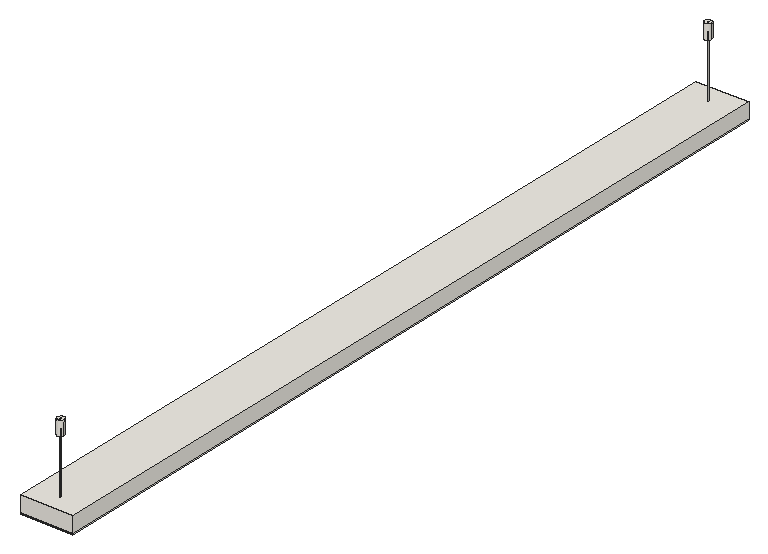
Revit family "ERA_LF_PR_SPO-5-40", category Осветительные приборы, Revit 2019 (continued)
Types (4, lengths in mm): name | Файл фотометрической сетки | built-in parameter 1150142 | Lumens | built-in parameter 1150107 | URL | ADSK_Масса | ADSK_Марка | ADSK_Обозначение | ADSK_Наименование
    9.5 316.2 312.2 308.2 305.4 304.1 303.5 302.8 302.5 301.7 301 300.8 300.5 299.9 298.5 296.4 292.9 288.7 284.3 278 269.9 262.5 257.1 252.1 246.6 241.1 237.8 237.3 238.1 237.2 232.6 224.7 215.4 206.2 198.2 192.4 188.4 184.1 177.9 169.8 161.7 154.6 149.3 147.5 146.9 142.8 135 126 117.2 108.2 99 90.9 84.2 77.8 71.4 65.1 58.6 52.8 47.2 41.5 36.9 33.2 29.3 25.3 21.4 18.4 16 14.1 12.3 10.7 9.5 8.3 7.3 6.5 5.7 5.2 4.6 4.1 3.8 3.4 0 0 0 0 0 0 0 0 0 0 0 0 0 0 0 0 0 0 0 0 0 0 0 0 0 0 0 0 0 0 0 0 0 0 0 0 0 0 0 0 0 0 0 0 0 0 0 0 0 0 0 0 0 0 0 0 0 0 0 0 0 0 0 0 0 0 0 0 0 0 0 0 0 0 0 0 0 0 0 0 0 0\r\n345.8 345.7 345.9 346.9 348.7 350.9 352.4 351.8 348.9 344.7 340.5 336.9 334.3 332.6 331.6 330.7 328.8 326 323.1 320.9 318.5 315.6 312.2 308.3 303.9 300.3 298.3 297 296 295 294 292.7 291.7 291.1 290.3 289.1 287.3 284.6 280.9 276.7 272.4 266.8 259.3 250.7 243.4 237.7 232 226.3 221.6 219.5 218.8 217.1 212.6 205.5 196.9 188 179.5 173.1 168.8 164.9 159.1 151 142.2 135 130 127.2 124.3 119 111.2 103 95.4 87.8 79.9 72.3 65.4 59.1 53.5 48.5 43.6 38.5 33.9 29.9 26.3 23.2 20.3 17.4 15 13.1 11.4 9.9 8.7 7.6 6.6 5.7 5 4.4 3.9 3.4 0 0 0 0 0 0 0 0 0 0 0 0 0 0 0 0 0 0 0 0 0 0 0 0 0 0 0 0 0 0 0 0 0 0 0 0 0 0 0 0 0 0 0 0 0 0 0 0 0 0 0 0 0 0 0 0 0 0 0 0 0 0 0 0 0 0 0 0 0 0 0 0 0 0 0 0 0 0 0 0 0 0 0\r\n345.8 345.6 345.4 345.9 347.1 348.6 350 350.9 350.5 348.5 345.3 341.6 337.9 334.6 332.1 330.3 328.9 327.6 326 323.6 320.5 317.4 314.6 312 309.4 306.4 302.8 298.6 294.2 290.4 287.4 285.3 283.8 282.1 280.1 277.9 275.4 273.5 271.7 269.7 267.2 264.1 260.5 256.5 252.4 247.8 241.8 234.1 225.5 217.6 211.1 204.8 198.9 194.9 192.1 189 184.7 178.9 171.5 163.3 155.6 148.7 142.9 137.8 131.7 123.2 114.7 108.2 103.5 99.5 94.1 86.8 79.4 72.6 66.2 59.6 52.9 47 42.2 37.7 33.3 29.4 25.8 22.5 19.8 17.4 15.2 13.2 11.5 10.1 8.7 7.5 6.4 5.5 4.6 3.8 3.2 0 0 0 0 0 0 0 0 0 0 0 0 0 0 0 0 0 0 0 0 0 0 0 0 0 0 0 0 0 0 0 0 0 0 0 0 0 0 0 0 0 0 0 0 0 0 0 0 0 0 0 0 0 0 0 0 0 0 0 0 0 0 0 0 0 0 0 0 0 0 0 0 0 0 0 0 0 0 0 0 0 0 0 0\r\n345.8 345.6 345.3 345.3 345.5 346.1 346.8 347.6 348.4 348.8 348.1 346.3 343.6 340.6 337.3 333.9 330.9 328.1 325.8 323.8 321.9 319.9 317.8 315.2 312 308.3 304.6 301.2 298.1 295.2 292.2 288.7 284.6 279.7 274.5 269.6 265.2 261.3 258.1 255.3 252.8 250.1 247.2 244 240.9 237.8 234.5 231 227.2 223.3 219.4 215.3 210.6 204.6 197.1 189.2 181.5 174.1 167 160.1 153.8 148.2 142.5 136.7 130.1 122.4 115 108.6 102.8 96.3 88.4 80.3 73.8 68.7 63.2 57.2 51.3 45.7 40.5 35.5 31 27.2 23.8 20.7 17.9 15.4 13.2 11.4 9.9 8.5 7.2 6.2 5.2 4.2 3.3 0 0 0 0 0 0 0 0 0 0 0 0 0 0 0 0 0 0 0 0 0 0 0 0 0 0 0 0 0 0 0 0 0 0 0 0 0 0 0 0 0 0 0 0 0 0 0 0 0 0 0 0 0 0 0 0 0 0 0 0 0 0 0 0 0 0 0 0 0 0 0 0 0 0 0 0 0 0 0 0 0 0 0 0 0 0\r\n345.8 345.6 345.4 345.1 344.9 344.9 345 345.2 345.4 345.7 346 346.2 346.2 345.7 344.8 343.2 340.9 338.1 335.1 331.8 328.4 324.9 321.6 318.4 315.4 312.4 309.6 306.7 303.7 300.4 296.6 292.4 287.7 282.6 277.4 272.3 267.4 262.9 258.7 254.6 250.7 246.6 242.2 237.4 232.6 227.9 223.1 218.1 213.3 208.7 204.4 200.3 195.8 191 185.7 180.2 174.6 169.3 164.1 158.9 153.5 147.8 142.2 137 131.5 124.6 116.3 107.4 99.2 91.9 85.4 78.8 72.4 66.3 60.5 54.7 49.2 43.9 38.6 33.5 28.8 24.6 21.1 18 15.1 12.7 10.7 9 7.4 6.1 5 4 3.1 0 0 0 0 0 0 0 0 0 0 0 0 0 0 0 0 0 0 0 0 0 0 0 0 0 0 0 0 0 0 0 0 0 0 0 0 0 0 0 0 0 0 0 0 0 0 0 0 0 0 0 0 0 0 0 0 0 0 0 0 0 0 0 0 0 0 0 0 0 0 0 0 0 0 0 0 0 0 0 0 0 0 0 0 0 0 0 0\r\n345.8 345.7 345.5 345.1 344.7 344.1 343.6 343.1 342.6 342.1 341.5 340.9 340.2 339.5 338.8 338 336.9 335.7 334.6 333.3 331.9 330.2 328.4 326.4 324.2 321.7 318.8 315.5 312 308.2 304 299.5 294.9 290.3 285.9 281.6 277.3 273.1 269 264.9 260.6 256.2 251.6 246.6 241.1 235.1 228.7 222.1 215.4 208.7 202 195.4 188.9 182.6 176.1 169.7 163.3 156.7 150 143.6 137.6 132.1 126.8 121.4 115.5 109.2 102.8 96.2 89.6 82.9 76.3 70 64 58.4 52.9 47.4 41.9 36.4 31.2 26.6 22.4 18.6 15.4 12.5 10 7.8 5.9 4.5 3.3 0 0 0 0 0 0 0 0 0 0 0 0 0 0 0 0 0 0 0 0 0 0 0 0 0 0 0 0 0 0 0 0 0 0 0 0 0 0 0 0 0 0 0 0 0 0 0 0 0 0 0 0 0 0 0 0 0 0 0 0 0 0 0 0 0 0 0 0 0 0 0 0 0 0 0 0 0 0 0 0 0 0 0 0 0 0 0 0 0 0 0 0\r\n345.8 345.7 345.6 345.3 345 344.5 344.1 343.5 342.7 342 341.1 340.2 339.2 338.1 336.9 335.4 334 332.4 330.7 329 327.1 325.1 323 321 318.9 316.7 314.3 311.7 308.9 305.7 302.3 298.5 294.6 291 287.4 283.8 280.4 276.8 273.1 269.4 265.5 261.5 257.3 253 248.7 244.2 239.5 234.7 229.6 224.3 218.9 213.3 207.4 201.3 195 188.5 181.8 175.1 167.9 160.2 152.5 144.9 137.7 130.5 123.3 115.9 108.1 100.4 92.5 84.4 76.4 68.6 61.4 54.8 48.4 42.3 36.4 30.9 26 21.5 17.6 14.2 11.3 8.8 6.8 5.1 3.8 0 0 0 0 0 0 0 0 0 0 0 0 0 0 0 0 0 0 0 0 0 0 0 0 0 0 0 0 0 0 0 0 0 0 0 0 0 0 0 0 0 0 0 0 0 0 3 0 0 0 0 0 0 0 0 0 0 0 0 0 0 0 0 0 0 0 0 0 0 0 0 0 0 0 0 0 0 0 0 0 0 0 0 0 0 0 0 0 0 0 0 0 0 0\r\n345.8 345.7 345.5 345.1 344.7 344.1 343.6 343.1 342.6 342.1 341.5 340.9 340.2 339.5 338.8 338 336.9 335.7 334.6 333.3 331.9 330.2 328.4 326.4 324.2 321.7 318.8 315.5 312 308.2 304 299.5 294.9 290.3 285.9 281.6 277.3 273.1 269 264.9 260.6 256.2 251.6 246.6 241.1 235.1 228.7 222.1 215.4 208.7 202 195.4 188.9 182.6 176.1 169.7 163.3 156.7 150 143.6 137.6 132.1 126.8 121.4 115.5 109.2 102.8 96.2 89.6 82.9 76.3 70 64 58.4 52.9 47.4 41.9 36.4 31.2 26.6 22.4 18.6 15.4 12.5 10 7.8 5.9 4.5 3.3 0 0 0 0 0 0 0 0 0 0 0 0 0 0 0 0 0 0 0 0 0 0 0 0 0 0 0 0 0 0 0 0 0 0 0 0 0 0 0 0 0 0 0 0 0 0 0 0 0 0 0 0 0 0 0 0 0 0 0 0 0 0 0 0 0 0 0 0 0 0 0 0 0 0 0 0 0 0 0 0 0 0 0 0 0 0 0 0 0 0 0 0\r\n345.8 345.6 345.4 345.1 344.9 344.9 345 345.2 345.4 345.7 346 346.2 346.2 345.7 344.8 343.2 340.9 338.1 335.1 331.8 328.4 324.9 321.6 318.4 315.4 312.4 309.6 306.7 303.7 300.4 296.6 292.4 287.7 282.6 277.4 272.3 267.4 262.9 258.7 254.6 250.7 246.6 242.2 237.4 232.6 227.9 223.1 218.1 213.3 208.7 204.4 200.3 195.8 191 185.7 180.2 174.6 169.3 164.1 158.9 153.5 147.8 142.2 137 131.5 124.6 116.3 107.4 99.2 91.9 85.4 78.8 72.4 66.3 60.5 54.7 49.2 43.9 38.6 33.5 28.8 24.6 21.1 18 15.1 12.7 10.7 9 7.4 6.1 5 4 3.1 0 0 0 0 0 0 0 0 0 0 0 0 0 0 0 0 0 0 0 0 0 0 0 0 0 0 0 0 0 0 0 0 0 0 0 0 0 0 0 0 0 0 0 0 0 0 0 0 0 0 0 0 0 0 0 0 0 0 0 0 0 0 0 0 0 0 0 0 0 0 0 0 0 0 0 0 0 0 0 0 0 0 0 0 0 0 0 0\r\n345.8 345.6 345.3 345.3 345.5 346.1 346.8 347.6 348.4 348.8 348.1 346.3 343.6 340.6 337.3 333.9 330.9 328.1 325.8 323.8 321.9 319.9 317.8 315.2 312 308.3 304.6 301.2 298.1 295.2 292.2 288.7 284.6 279.7 274.5 269.6 265.2 261.3 258.1 255.3 252.8 250.1 247.2 244 240.9 237.8 234.5 231 227.2 223.3 219.4 215.3 210.6 204.6 197.1 189.2 181.5 174.1 167 160.1 153.8 148.2 142.5 136.7 130.1 122.4 115 108.6 102.8 96.3 88.4 80.3 73.8 68.7 63.2 57.2 51.3 45.7 40.5 35.5 31 27.2 23.8 20.7 17.9 15.4 13.2 11.4 9.9 8.5 7.2 6.2 5.2 4.2 3.3 0 0 0 0 0 0 0 0 0 0 0 0 0 0 0 0 0 0 0 0 0 0 0 0 0 0 0 0 0 0 0 0 0 0 0 0 0 0 0 0 0 0 0 0 0 0 0 0 0 0 0 0 0 0 0 0 0 0 0 0 0 0 0 0 0 0 0 0 0 0 0 0 0 0 0 0 0 0 0 0 0 0 0 0 0 0\r\n345.8 345.6 345.4 345.9 347.1 348.6 350 350.9 350.5 348.5 345.3 341.6 337.9 334.6 332.1 330.3 328.9 327.6 326 323.6 320.5 317.4 314.6 312 309.4 306.4 302.8 298.6 294.2 290.4 287.4 285.3 283.8 282.1 280.1 277.9 275.4 273.5 271.7 269.7 267.2 264.1 260.5 256.5 252.4 247.8 241.8 234.1 225.5 217.6 211.1 204.8 198.9 194.9 192.1 189 184.7 178.9 171.5 163.3 155.6 148.7 142.9 137.8 131.7 123.2 114.7 108.2 103.5 99.5 94.1 86.8 79.4 72.6 66.2 59.6 52.9 47 42.2 37.7 33.3 29.4 25.8 22.5 19.8 17.4 15.2 13.2 11.5 10.1 8.7 7.5 6.4 5.5 4.6 3.8 3.2 0 0 0 0 0 0 0 0 0 0 0 0 0 0 0 0 0 0 0 0 0 0 0 0 0 0 0 0 0 0 0 0 0 0 0 0 0 0 0 0 0 0 0 0 0 0 0 0 0 0 0 0 0 0 0 0 0 0 0 0 0 0 0 0 0 0 0 0 0 0 0 0 0 0 0 0 0 0 0 0 0 0 0 0\r\n345.8 345.7 345.9 346.9 348.7 350.9 352.4 351.8 348.9 344.7 340.5 336.9 334.3 332.6 331.6 330.7 328.8 326 323.1 320.9 318.5 315.6 312.2 308.3 303.9 300.3 298.3 297 296 295 294 292.7 291.7 291.1 290.3 289.1 287.3 284.6 280.9 276.7 272.4 266.8 259.3 250.7 243.4 237.7 232 226.3 221.6 219.5 218.8 217.1 212.6 205.5 196.9 188 179.5 173.1 168.8 164.9 159.1 151 142.2 135 130 127.2 124.3 119 111.2 103 95.4 87.8 79.9 72.3 65.4 59.1 53.5 48.5 43.6 38.5 33.9 29.9 26.3 23.2 20.3 17.4 15 13.1 11.4 9.9 8.7 7.6 6.6 5.7 5 4.4 3.9 3.4 0 0 0 0 0 0 0 0 0 0 0 0 0 0 0 0 0 0 0 0 0 0 0 0 0 0 0 0 0 0 0 0 0 0 0 0 0 0 0 0 0 0 0 0 0 0 0 0 0 0 0 0 0 0 0 0 0 0 0 0 0 0 0 0 0 0 0 0 0 0 0 0 0 0 0 0 0 0 0 0 0 0 0\r\n345.8 345.6 346.1 347.8 350.2 352.4 352.8 350.1 345.8 341.4 337.6 335.1 333.8 333.3 332.2 329.7 326.9 324.7 322.4 319.5 316.2 312.2 308.2 305.4 304.1 303.5 302.8 302.5 301.7 301 300.8 300.5 299.9 298.5 296.4 292.9 288.7 284.3 278 269.9 262.5 257.1 252.1 246.6 241.1 237.8 237.3 238.1 237.2 232.6 224.7 215.4 206.2 198.2 192.4 188.4 184.1 177.9 169.8 161.7 154.6 149.3 147.5 146.9 142.8 135 126 117.2 108.2 99 90.9 84.2 77.8 71.4 65.1 58.6 52.8 47.2 41.5 36.9 33.2 29.3 25.3 21.4 18.4 16 14.1 12.3 10.7 9.5 8.3 7.3 6.5 5.7 5.2 4.6 4.1 3.8 3.4 0 0 0 0 0 0 0 0 0 0 0 0 0 0 0 0 0 0 0 0 0 0 0 0 0 0 0 0 0 0 0 0 0 0 0 0 0 0 0 0 0 0 0 0 0 0 0 0 0 0 0 0 0 0 0 0 0 0 0 0 0 0 0 0 0 0 0 0 0 0 0 0 0 0 0 0 0 0 0 0 0 0\r\n345.8 345.8 346.4 348 350.6 352.5 351.4 347.1 342.6 338.7 335.8 334.8 334.9 333.8 331 328.3 326.1 323.1 320.2 316.9 312.8 309.4 307.5 307 306.8 306.8 306.3 305.8 305.9 305.9 305.5 304.5 302.7 299.5 295.4 290.2 282.7 274.3 268.3 263.9 259.1 253 248.3 246.7 247.9 248.7 246.6 241 232.6 223.6 215.1 208.7 204.1 199.2 193.3 186.2 179.1 171.9 166.1 163.4 163 161.3 157 149.8 140.8 130.9 120.6 111 103.3 97.4 91.8 84.9 77.4 70.2 64 57.3 50.7 45 40.6 36.4 31.6 26.9 22.9 20 17.3 14.9 13.1 11.4 10.1 8.8 7.7 6.8 6.2 5.5 5.1 4.7 4.2 3.9 3.6 3.2 0 0 0 0 0 0 0 0 0 0 0 0 0 0 0 0 0 0 0 0 0 0 0 0 0 0 0 0 0 0 0 0 0 0 0 0 0 0 0 0 0 0 0 0 0 0 0 0 0 0 0 0 0 0 0 0 0 0 0 0 0 0 0 0 0 0 0 0 0 0 0 0 0 0 0 0 0 0 0 0 0\r\n345.8 346.1 346.8 348.8 351.8 353.6 351.9 347.3 342.8 338.4 335.9 335.5 335.1 333.1 330.5 328.3 325.4 322.4 319.1 314.9 311.6 310.1 309.7 309.7 309.8 309.6 309.6 310 310.1 309.7 308.4 306.3 302.5 298.4 292.7 285 277.6 272.4 267.9 262.7 256.9 253.5 253.3 254.9 254.7 251.6 245 236.6 227.5 219.7 214 210 205.7 199.6 192.1 184.6 177.7 172.9 171.5 171.8 170 164.5 156.6 147.9 137.9 127.5 118.2 111.3 105.8 99.8 92.1 84.1 76.9 70.1 63.1 56.4 50.3 45.3 40.5 35.4 30.6 26.5 22.9 19.7 17.2 15 13.1 11.5 10 8.8 7.9 7 6.5 5.7 5.3 5 4.5 4.1 3.9 3.6 3.2 3 0 0 0 0 0 0 0 0 0 0 0 0 0 0 0 0 0 0 0 0 0 0 0 0 0 0 0 0 0 0 0 0 0 0 0 0 0 0 0 0 0 0 0 0 0 0 0 0 0 0 0 0 0 0 0 0 0 0 0 0 0 0 0 0 0 0 0 0 0 0 0 0 0 0 0 0 0 0 0\r\n345.8 345.6 345.9 346.4 346.4 345.4 342.2 338.6 335.8 334.6 334.6 335.4 334.1 330.7 328.2 325.4 321.9 319.1 315.8 312.2 309.3 306.6 306.3 306.7 306 305.4 304.8 304.6 305.4 306 306.2 305.5 302.5 297 289.2 280.3 273.7 269.6 265.8 260 254.8 251.7 251.6 252.4 252 248.9 242.9 235 227 220.3 214.3 207 199.4 192.3 186.2 180.9 176.6 174.1 172.6 171.3 168.5 163.5 155.5 144 132.8 123.1 114.4 107.5 102.3 97.4 90.8 83.2 76.4 69.4 62.6 55.6 49.4 45 40.1 35 30 25.9 22.2 19.3 16.9 14.8 13 11.4 9.9 8.7 7.7 6.9 6.1 5.5 5.1 4.6 4.1 3.8 3.5 3.2 0 0 0 0 0 0 0 0 0 0 0 0 0 0 0 0 0 0 0 0 0 0 0 0 0 0 0 0 0 0 0 0 0 0 0 0 0 0 0 0 0 0 0 0 0 0 0 0 0 0 0 0 0 0 0 0 0 0 0 0 0 0 0 0 0 0 0 0 0 0 0 0 0 0 0 0 0 0 0 0 0\r\n" | 2880 lm | 6500 (stored number, unit not read) | "https://www.eraworld.ru/catalog/64236" | 0.42 | "SPO-5-40-6K-P (F)" | "SPO-5-40-6K-P (F)" | "Светильник, LED, прямоугольный, подвесной, IP20, 1200х75х24 мм (ДхШхВ), 36 Вт, 6500 К, 2880 лм, класс защиты I, в комплекте (импульсный драйвер, поликарбонат)"
